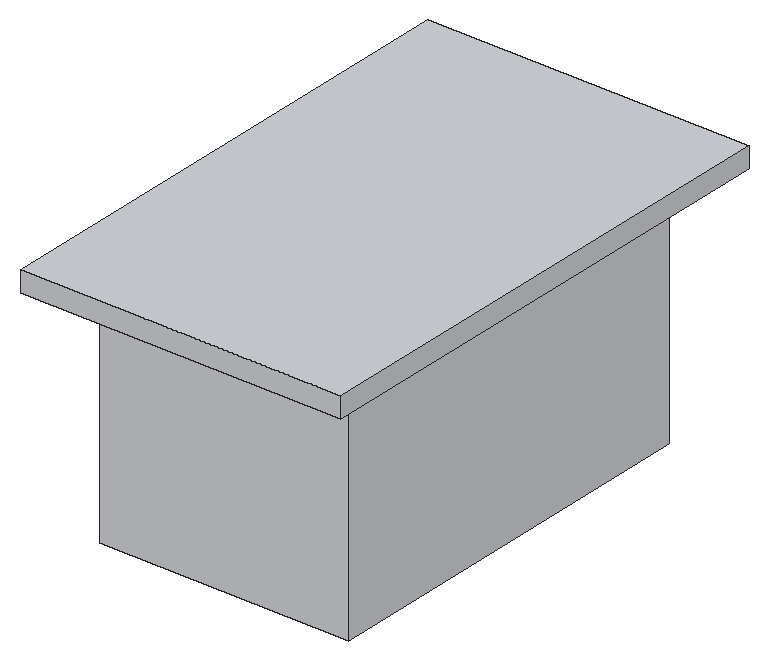
Revit family "f41a9786e7ba4ab6a57a987bc2eaec1c", category Fire Alarm Devices, host Face, Revit 2021
Family settings
  Host = Face
  Maintain Annotation Orientation = Yes
  Round Connector Dimension = Use Diameter
  Part Type = Normal
  OmniClass Number = 23.85.30.21.11.17
  OmniClass Title = Other Components
  Seek Item ID = Mini Horn-0000-USA-ENU
  Cut with Voids When Loaded = No
  Shared = No
  Room Calculation Point = No
Parameters (values of type "Standard")
  Material = none
  Default Elevation = 4' - 0"
Reference planes (in)
  plane 1 "Center (Front/Back)": y = 0
  plane 2: z = 0
  plane 3 "Center (Left/Right)": x = 0
  plane 4: x = -1.44922
  plane 5: x = 1.44922
  plane 6: y = 2.30078
  plane 7: y = -2.30078
  plane 8: z = 0.1875
  plane 9: z = -2.125
  plane 10: y = 1.8125
  plane 11: y = -1.8125
  plane 12: x = -1.125
  plane 13: x = 1.125
Forms (in)
  Extrusion 1, solid, material <- "Material"
    sketch origin (0, 0, 0) x (1, 0, 0) y (0, 1, 0)
      loop
        line (-1.44922, 2.30078) -> (-1.44922, -2.30078) -> (1.44922, -2.30078) -> (1.44922, 2.30078) -> (-1.44922, 2.30078)
    from 0 to 0.1875
  Extrusion 2, solid, material <- "Material"
    sketch origin (0, 0, 0) x (1, 0, 0) y (0, 1, 0)
      loop
        line (-1.125, 1.8125) -> (-1.125, -1.8125) -> (1.125, -1.8125) -> (1.125, 1.8125) -> (-1.125, 1.8125)
    from 0 to -2.125
Cuts and joins
  joined: Extrusion 1, Extrusion 2
Lines and regions (in)
  symbolic lines, detail levels fine
    curve 1: line (1.44922, 0, 0.1875) -> (-1.44922, 0, 0.1875)
    curve 2: line (-1.44922, 0, 0.1875) -> (-1.44922, 0, 0)
    curve 3: line (-1.44922, 0, 0) -> (1.44922, 0, 0)
    curve 4: line (-1.125, 0, 0) -> (-1.125, 0, -2.125)
    curve 5: line (-1.125, 0, -2.125) -> (1.125, 0, -2.125)
    curve 6: line (1.125, 0, -2.125) -> (1.125, 0, 0)
    curve 7: line (1.44922, 0, 0) -> (1.44922, 0, 0.1875)
Dimensions and locks (in)
  equal spacing: plane 4, plane 3 "Center (Left/Right)", plane 5
  equal spacing: plane 6, plane 1 "Center (Front/Back)", plane 7
  locked: plane 8 to plane 2 at 0.1875
  locked: plane 2 to plane 9 at 2.125
  equal spacing: plane 12, plane 3 "Center (Left/Right)", plane 13
  equal spacing: plane 10, plane 1 "Center (Front/Back)", plane 11
  locked: plane 12 to plane 13 at 2.25
  locked: plane 10 to plane 11 at 3.625
  locked: plane 6 to plane 7 at 4.60156
  locked: plane 4 to plane 5 at 2.89844
  aligned and locked: plane 2 to host face
  aligned and locked: level to host face
  aligned and locked: Extrusion 1 to plane 4
  aligned and locked: plane 5 to Extrusion 1
  aligned and locked: plane 6 to Extrusion 1
  aligned and locked: Extrusion 1 to plane 7
  aligned and locked: plane 8 to Extrusion 1
  aligned and locked: Extrusion 1 to plane 2
  aligned and locked: plane 2 to Extrusion 2
  aligned and locked: Extrusion 2 to plane 9
  aligned and locked: Extrusion 2 to plane 12
  aligned and locked: plane 13 to Extrusion 2
  aligned and locked: plane 10 to Extrusion 2
  aligned and locked: Extrusion 2 to plane 11
  aligned and locked: curve 1 to cut or joined group of Extrusion 1, Extrusion 2
  aligned and locked: curve 2 to cut or joined group of Extrusion 1, Extrusion 2
  aligned and locked: curve 3 to cut or joined group of Extrusion 1, Extrusion 2
  aligned and locked: curve 4 to cut or joined group of Extrusion 1, Extrusion 2
  aligned and locked: curve 5 to cut or joined group of Extrusion 1, Extrusion 2
  aligned and locked: curve 6 to cut or joined group of Extrusion 1, Extrusion 2
  aligned and locked: curve 7 to cut or joined group of Extrusion 1, Extrusion 2
  aligned and locked: plane 1 "Center (Front/Back)" to nested 1
  aligned and locked: plane 3 "Center (Left/Right)" to nested 1
Automatic sketch dimensions
  host sketch curve to host sketch curve = 8' - 0"  (x2)
  plane 4 to Extrusion 1 sketch curve = 0' - 0"
  plane 3 "Center (Left/Right)" to Extrusion 1 sketch curve = 0' - 1 115/256"
  plane 7 to Extrusion 1 sketch curve = 0' - 0"
  Extrusion 1 sketch curve to plane 1 "Center (Front/Back)" = 0' - 2 77/256"
  Extrusion 2 sketch curve to plane 3 "Center (Left/Right)" = 0' - 1 1/8"
  plane 3 "Center (Left/Right)" to Extrusion 2 sketch curve = 0' - 1 1/8"
  plane 1 "Center (Front/Back)" to Extrusion 2 sketch curve = 0' - 1 13/16"
  Extrusion 2 sketch curve to plane 6 = 0' - 0 125/256"
Nested families (in)
  nested 1: "Horn Annotation" at (0, 0, 0), type "Horn Annotation", detail levels coarse+medium
Connectors (in)
  electrical at (0, 1.8125, -1.0625)
    settings: on Extrusion 2, index 1, voltage 0 V, apparent load 0 VA, apparent load phase1 0 VA, apparent load phase2 0 VA, apparent load phase3 0 VA, power factor 1, load classification "Other", number of poles 1, system type 11, power factor state 1, is connector primary yes, connector utility no, sub classification motor no, connector description ""
Definition of nested family "Horn Annotation"
  Parameters
    Label Annotation = ""
  Reference planes (in)
    plane 1: y = 0
    plane 2: x = 0
  Lines and regions (in)
    reference lines
      curve 1: line (-0.125, 1.21278, 0) -> (-0.125, -0.18568, 0)
      curve 2: line (0, 1.42732, 0) -> (0, -0.18568, 0)
      curve 3: line (-0.26347, 0.125, 0) -> (0.40962, 0.125, 0)
      curve 8: line (0.0625, 0.24779, 0) -> (0.0625, -0.14868, 0)
      curve 9: line (-0.38863, 0.0625, 0) -> (0.82867, 0.0625, 0)
      curve 10: line (-0.03066, 0.10938, 0) -> (0.33631, 0.10938, 0)
      curve 11: line (-0.04395, 0.01563, 0) -> (0.3496, 0.01563, 0)
    detail lines
      curve 4: line (-0.125, 0.125, 0) -> (0, 0.125, 0)
      curve 5: line (-0.125, 0, 0) -> (-0.125, 0.125, 0)
      curve 6: line (0, 0, 0) -> (-0.125, 0, 0)
      curve 7: line (0, 0.125, 0) -> (0, 0, 0)
      curve 12: line (0.0625, 0.10938, 0) -> (0.0625, 0.01563, 0)
      curve 13: line (0, 0.0625, 0) -> (0.0625, 0.10938, 0)
      curve 14: line (0, 0.0625, 0) -> (0.0625, 0.01563, 0)
  Text (in)
    label "M" at (-0.11877, 0.06374, 0), shows "Label Annotation"
  Dimensions and locks (in)
    locked: plane 1 to curve 3 at 0.125
    curve 2 to curve 8 = 0' - 0 1/16"
    locked: curve 1 to curve 2 at 0.125
    locked: curve 2 to plane 2
    locked: plane 1 to curve 9 at 0.0625
    locked: curve 9 to curve 10 at 0.04688
    locked: curve 11 to curve 9 at 0.04687
    aligned and locked: curve 3 to curve 4
    aligned and locked: curve 2 to curve 7
    aligned and locked: curve 6 to plane 1
    aligned and locked: curve 5 to curve 1
    aligned and locked: curve 10 to curve 12
    aligned and locked: curve 11 to curve 12
    aligned and locked: curve 8 to curve 12
